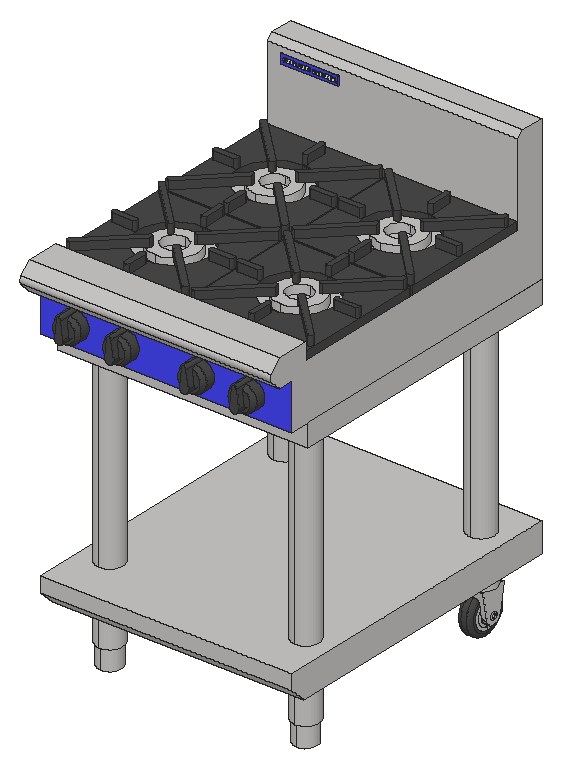
Revit family "QF_MOFFAT_BLUESEAL_CE_G514D-LS", category Specialty Equipment, Revit 2012 (continued)
Definition of nested family "GAS BURNER 600"
  Automatic sketch dimensions
    curve 150 to curve 156 = 53.847 mm
    curve 156 to curve 156 = 4.525 mm
    curve 155 to curve 86 = 11.153 mm
    curve 155 to curve 158 = 4.525 mm
    curve 157 to curve 150 = 9.051 mm
    curve 158 to curve 86 = 10.653 mm
    plane 4 "RIGHT" to curve 160 = 58.102 mm
    plane 4 "RIGHT" to curve 159 = 8.898 mm
    curve 161 to curve 156 = 33.324 mm
    curve 160 to curve 160 = 6.4 mm
    curve 164 to curve 156 = 9.051 mm
    curve 164 to curve 164 = 4.525 mm
    plane 4 "RIGHT" to curve 165 = 15.153 mm
    curve 165 to curve 166 = 4.525 mm
    curve 84 to curve 165 = 19.602 mm
    curve 164 to curve 156 = 62.898 mm
    plane 7 "Center Y" to curve 170 = 6.102 mm
    curve 170 to curve 170 = 4.525 mm
    curve 168 to curve 150 = 0 mm
    curve 168 to curve 168 = 4.525 mm  (x2)
    curve 82 to curve 170 = 19.602 mm
    curve 167 to curve 164 = 0 mm
    plane 7 "Center Y" to curve 171 = 8.898 mm
    curve 174 to curve 172 = 49.204 mm
    curve 169 to curve 172 = 20.524 mm
    curve 171 to curve 172 = 6.4 mm
    curve 167 to curve 176 = 20.524 mm
    curve 178 to curve 178 = 6.4 mm
    curve 177 to plane 5 "FRONT" = 25.398 mm
    curve 175 to curve 175 = 47.704 mm
    curve 180 to curve 156 = 31.44 mm
    curve 176 to curve 180 = 9.316 mm
    curve 180 to curve 156 = 29.949 mm
    curve 182 to curve 179 = 0.009 mm
    curve 195 to curve 181 = 29.082 mm
    curve 179 to curve 181 = 2 mm
    curve 181 to curve 183 = 0 mm  (x2)
    curve 181 to curve 184 = 27 mm
    curve 37 to curve 38 = 0 mm  (x2)
    curve 185 to curve 100 = 22.227 mm
    curve 37 to curve 185 = 0 mm
    curve 2 to curve 37 = 22.219 mm
    curve 35 to curve 36 = 0 mm  (x2)
    curve 88 to curve 35 = 3.923 mm
    curve 35 to curve 211 = 0 mm
    curve 193 to curve 92 = 13.004 mm
    curve 29 to curve 30 = 0 mm  (x2)
    curve 189 to curve 10 = 13.126 mm
    curve 29 to curve 189 = 0 mm  (x2)
    curve 18 to curve 190 = 4.076 mm
    curve 29 to curve 190 = 0 mm
    curve 29 to curve 191 = 0 mm  (x2)
    curve 26 to curve 29 = 3.923 mm
    curve 189 to curve 50 = 13.004 mm
    curve 35 to curve 188 = 0 mm
    curve 35 to curve 193 = 0 mm  (x2)
    curve 193 to curve 100 = 13.126 mm
    curve 179 to curve 180 = 0 mm  (x2)
    curve 156 to curve 194 = 33.052 mm
    curve 179 to curve 194 = 0 mm  (x2)
    curve 179 to curve 195 = 0 mm
    curve 181 to curve 198 = 0 mm  (x2)
    curve 164 to curve 181 = 2.142 mm
    curve 181 to curve 196 = 0 mm  (x2)
    curve 198 to curve 168 = 11.581 mm
    curve 181 to curve 182 = 0 mm  (x2)
    curve 182 to curve 150 = 5.985 mm
    curve 181 to curve 197 = 0 mm
    curve 156 to curve 196 = 14.64 mm
    curve 203 to curve 140 = 0 mm  (x2)
    curve 114 to curve 200 = 5.985 mm
    curve 203 to curve 200 = 0 mm
    curve 201 to curve 120 = 14.64 mm
    curve 203 to curve 201 = 0 mm  (x2)
    curve 201 to curve 128 = 11.581 mm
    curve 139 to curve 140 = 0 mm  (x2)
    curve 136 to curve 139 = 2.142 mm
    curve 137 to curve 138 = 0 mm  (x2)
    curve 203 to curve 137 = 9.467 mm
    curve 137 to curve 204 = 0 mm  (x2)
    curve 137 to curve 204 = 8.936 mm
    curve 137 to curve 205 = 0 mm
    curve 205 to curve 140 = 18.13 mm
    curve 206 to curve 205 = 8.937 mm
    curve 206 to curve 205 = 9.165 mm
    curve 137 to curve 206 = 0 mm  (x2)
    curve 138 to curve 201 = 11.124 mm
    curve 139 to curve 202 = 0 mm  (x2)
    curve 202 to curve 202 = 1.784 mm
    curve 137 to curve 208 = 0 mm
    curve 203 to curve 204 = 20.253 mm
    curve 208 to curve 204 = 9.136 mm
    curve 208 to curve 204 = 8.967 mm
    curve 139 to curve 207 = 0 mm
    curve 139 to curve 203 = 9.439 mm
    curve 202 to curve 207 = 4.893 mm
    curve 207 to curve 202 = 4.003 mm
    curve 206 to curve 138 = 9.138 mm
    curve 138 to curve 206 = 8.965 mm
    curve 201 to curve 202 = 2.762 mm
    curve 202 to curve 201 = 2.96 mm
    curve 206 to curve 201 = 18.412 mm
    curve 203 to curve 136 = 6.958 mm
    curve 200 to curve 203 = 8.655 mm
    curve 201 to curve 140 = 9.447 mm
    curve 179 to curve 209 = 0 mm
    curve 210 to curve 182 = 27.057 mm
    curve 179 to curve 210 = 0 mm  (x2)
    curve 180 to curve 197 = 25.774 mm
    curve 181 to curve 199 = 0 mm
    curve 180 to curve 198 = 16.335 mm
    curve 198 to curve 182 = 8.655 mm
    curve 198 to curve 169 = 6.958 mm
    curve 199 to curve 196 = 8.655 mm
    curve 196 to curve 199 = 9.447 mm
    curve 181 to curve 196 = 9.439 mm
    curve 181 to curve 196 = 8.668 mm
    curve 210 to curve 209 = 8.936 mm
    curve 195 to curve 194 = 9.138 mm
    curve 179 to curve 194 = 8.937 mm
    curve 194 to curve 179 = 9.165 mm
    curve 195 to curve 194 = 8.965 mm
    curve 35 to curve 187 = 0 mm  (x2)
    curve 2 to curve 187 = 13.126 mm
    curve 31 to curve 32 = 0 mm  (x2)
    curve 212 to curve 189 = 9.093 mm
    curve 31 to curve 212 = 0 mm
    curve 190 to curve 31 = 18.152 mm
    curve 31 to curve 213 = 0 mm  (x2)
    curve 29 to curve 214 = 19.967 mm
    curve 31 to curve 214 = 0 mm
    curve 31 to curve 215 = 0 mm  (x2)
    curve 32 to curve 192 = 19.959 mm
    curve 31 to curve 213 = 9.204 mm
    curve 29 to curve 192 = 0 mm
    curve 190 to curve 191 = 9.051 mm
    curve 214 to curve 213 = 8.97 mm
    curve 214 to curve 213 = 9.134 mm
    curve 29 to curve 191 = 9.081 mm
    curve 29 to curve 191 = 9.019 mm
    curve 32 to curve 189 = 10.878 mm
    curve 192 to curve 189 = 9.019 mm
    curve 215 to curve 32 = 8.969 mm
    curve 32 to curve 215 = 9.135 mm
    curve 215 to curve 212 = 9.203 mm
    curve 215 to curve 212 = 8.899 mm
    curve 189 to curve 30 = 9.051 mm  (x2)
    curve 37 to curve 186 = 0 mm  (x2)
    curve 187 to curve 186 = 19.847 mm
    curve 37 to curve 216 = 0 mm
    curve 216 to curve 186 = 8.969 mm
    curve 35 to curve 187 = 9.081 mm
    curve 193 to curve 188 = 9.081 mm
    curve 188 to curve 193 = 9.019 mm
    curve 37 to curve 217 = 0 mm  (x2)
    curve 38 to curve 193 = 10.886 mm
    curve 217 to curve 38 = 8.97 mm
    curve 38 to curve 217 = 9.134 mm
    curve 217 to curve 185 = 9.204 mm
    curve 216 to curve 186 = 9.135 mm
    curve 37 to curve 186 = 9.203 mm
    curve 186 to curve 37 = 8.899 mm
    curve 211 to curve 187 = 9.051 mm
    curve 187 to curve 87 = 8.754 mm
    curve 193 to curve 36 = 9.051 mm
    curve 2 to curve 211 = 8.601 mm
    radius of Extrusion 1 sketch curve = 84.082 mm  (x2)
    radius of Extrusion 4 sketch curve = 84.082 mm  (x2)
